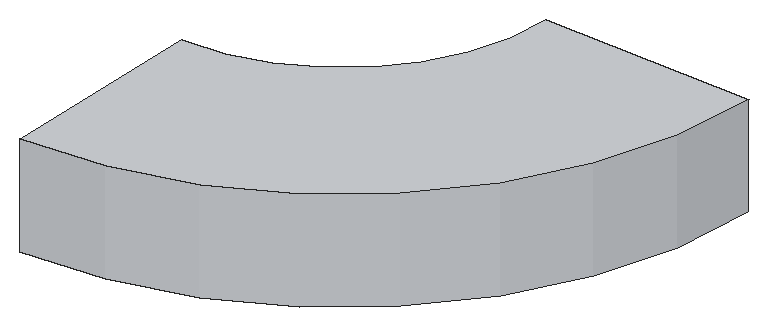
Revit family "M_Rectangular Elbow Eccentric Radius - DTL", category Duct Fittings, Revit 2014
Parameters (values of type "Standard")
  Visibility 2 [instance] = if(Length 4 Vertical > Center Radius, 1 > 0, Length 3 + Straight Length In < Length 12 + 0.794 mm)  # no
  Visibility 1 [instance] = if(Length 4 Vertical > Center Radius, 0 > 1, or(Length 3 + Straight Length In > Length 12 + 0.794 mm, Length 3 + Straight Length In = Length 12 + 0.794 mm))  # yes
  Top Change Visibility [instance] = not(Top Change = 0 mm)  # no
  Straight Out Visibility [instance] = not(Straight In = 0 mm)  # no
  Straight Out [instance] = 0 mm
  Straight In Visibility [instance] = not(Straight In = 0 mm)  # no
  Straight In [instance] = 0 mm
  Quarter Width Out [instance] = Width Out / 4  # 228.6 mm
  Quarter Height Out [instance] = Top Change / 2  # 0 mm
  Offset 2 [instance] = -1 * Half Width In  # -457.2 mm
  Length 5 Vertical [instance] = Straight Length Out * sin(Angle)  # 25.4 mm
  Length 5 Horizontal [instance] = Straight Length Out * cos(Angle)  # 0 mm
  Length 4 Vertical [instance] = if(Straight Out = 0 mm, Length 2 * cos(Angle) + Straight Length Out * sin(Angle), Length 2 * cos(Angle))  # 25.4 mm
  Length 4 Horizontal [instance] = if(Straight Out = 0 mm, Length 3 - Length 2 * sin(Angle) + Straight Length Out * cos(Angle), Length 3 - Length 2 * sin(Angle))  # 7315.2 mm
  Length 3 [instance] = Length 12 - Center Radius * cos(Angle) / sin(Angle) + Length 2 / sin(Angle)  # 8686.8 mm
  Length 2 [instance] = Radius + Width Out / 2  # 1371.6 mm
  Length 12 [instance] = 7315.2 mm  # constant formula
  Judge [instance] = if(Top Change = 0 mm, 1.587 mm, abs(Top Change))  # 1.587 mm
  Half Width Out [instance] = Width Out / 2  # 457.2 mm
  Half Width In [instance] = Width In / 2  # 457.2 mm
  Half Depth Out [instance] = Depth Out / 2  # 228.6 mm
  Width In [instance] = 914.4 mm
  Width Out [instance] = 914.4 mm
  built-in parameter 1114242 [instance] = (empty or 0)
  Top Change [instance] = 0 mm
  Straight Length Out [instance] = if(Straight Out = 0 mm, 25.4 mm, Straight Out)  # 25.4 mm
  Straight Length In [instance] = if(Straight In = 0 mm, 25.4 mm, Straight In)  # 25.4 mm
  Radius [instance] = 914.4 mm
  Half Duct Width [instance] = if(Width In < Width Out, Width Out / 2, Width In / 2)  # 457.2 mm
  Half Width Vertical 2 [instance] = Half Width Vertical 1 + Top Change  # 457.2 mm
  Half Width Vertical 1 [instance] = if(Width In < Width Out, Width Out / 2, Width In / 2)  # 457.2 mm
  Offset 1 [instance] = (Width In - Width Out) / 2  # 0 mm
  Depth Out [instance] = 457.2 mm
  Depth In [instance] = 457.2 mm
  Length 1 [instance] = Center Radius * tan(Angle / 2)  # 1371.6 mm
  Center Radius [instance] = Radius + Width In / 2  # 1371.6 mm
  Bottom Change [instance] = abs(Depth In - Depth Out) + Top Change  # 0 mm
  Angle [instance] = 90.00°
Reference planes
  plane 1 "Center (Front/Back)": y = 0
  plane 2: z = 0
  plane 3 "Center (Left/Right)": x = 0
  plane 4: z = -457.2
  plane 5: z = 457.2
  plane 6: z = 1.588
  plane 7: z = -1.588
  plane 8: x = 7315.2
  plane 9: y = 1371.6
  plane 10: x = -1371.6
  plane 11: x = -1371.6
  plane 12: x = -1346.2
  plane 13: x = 0
  plane 14: y = 1346.2
  plane 15: y = 1371.6
  plane 16: x = 0
  plane 17: y = -457.2
Forms (mm)
  SweptBlend 1, solid, detail levels medium+fine
    path in 3D
      loop
        arc (-1371.6, 0, 0) -> (-401.732, 401.732, 0) -> (0, 1371.6, 0) r 1371.6
    profile "M_Duct - Rectangular : Duct - Rectangular 1" origin (-1371.6, 0, 0) x (0, 1, 0) y (0, 0, 1)
      loop
        line (-457.2, 228.6) -> (-457.2, -228.6) -> (457.2, -228.6) -> (457.2, 228.6) -> (-457.2, 228.6)
    end profile "M_Duct - Rectangular : Duct - Rectangular 2" origin (0, 1371.6, 0) x (-1, 0, 0) y (0, 0, 1)
      loop
        line (-457.2, 228.6) -> (-457.2, -228.6) -> (457.2, -228.6) -> (457.2, 228.6) -> (-457.2, 228.6)
  Sweep 2, solid, visible <- "Straight Out Visibility", detail levels medium+fine
    path in 3D
      loop
        line (0, 1346.2, 0) -> (0, 1371.6, 0)
    profile "M_Duct - Rectangular : Duct - Rectangular 2" origin (0, 1358.9, 0) x (-1, 0, 0) y (0, 0, 1)
      loop
        line (-457.2, 228.6) -> (-457.2, -228.6) -> (457.2, -228.6) -> (457.2, 228.6) -> (-457.2, 228.6)
  Sweep 3, solid, not visible
    path in 3D
      loop
        line (0, 1346.2, 0) -> (0, 1371.6, 0)
    profile "M_Duct - Rectangular : Duct - Half Rectangular 1" origin (0, 1358.9, 0) x (-1, 0, 0) y (0, 0, 1)
      loop
        line (0, 0.794) -> (0, -0.794) -> (457.2, -0.794) -> (457.2, 0.794) -> (0, 0.794)
  Sweep 4, solid, visible <- "Straight In Visibility", detail levels medium+fine
    path in 3D
      loop
        line (-1346.2, -457.2, 0) -> (-1371.6, -457.2, 0)
    profile "M_Duct - Rectangular : Duct - Rectangular 1" origin (-1358.9, -457.2, 0) x (0, -1, 0) y (0, 0, 1)
      loop
        line (-914.4, 228.6) -> (-914.4, -228.6) -> (0, -228.6) -> (0, 228.6) -> (-914.4, 228.6)
Lines and regions (mm)
  model lines, detail levels coarse
    curve 1: line (258.862, 1260.5, 0.794) -> (258.862, 1260.5, -0.794)
  reference lines
    curve 2: arc (-1371.6, 0, 0) -> (-401.732, 401.732, 0) -> (0, 1371.6, 0) r 1371.6
    curve 11: line (-1346.2, -457.2, 0) -> (-1371.6, -457.2, 0)
  sketch lines
    curve 3: arc (-1371.6, 0, 0) -> (-401.732, 401.732, 0) -> (0, 1371.6, 0) r 1371.6
    curve 5: line (0, 1346.2, 0) -> (0, 1371.6, 0)
    curve 9: line (0, 1346.2, 0) -> (0, 1371.6, 0)
    curve 12: line (-1346.2, -457.2, 0) -> (-1371.6, -457.2, 0)
  model lines, not visible, detail levels coarse
    curve 4: line (0, 1346.2, 0) -> (0, 1371.6, 0)
  model lines, visible <- "Visibility 1", detail levels coarse
    curve 6: line (-1371.6, 0, 0) -> (0, 0, 0)
    curve 7: line (0, 0, 0) -> (0, 1371.6, 0)
  model lines, visible <- "Visibility 2", detail levels coarse
    curve 8: line (-1371.6, 0, 0) -> (0, 1371.6, 0)
  model lines, visible <- "Top Change Visibility", detail levels coarse
    curve 10: line (0, 1371.6, 0.794) -> (0, 1371.6, -0.794)
Dimensions and locks
  "Half Width Vertical 1": plane 4 to plane 2
  "Half Width Vertical 2": plane 2 to plane 5
  "Judge": plane 6 to plane 2
  "Judge": plane 7 to plane 2
  "Length 12": plane 3 "Center (Left/Right)" to plane 8
  "Center Radius": plane 1 "Center (Front/Back)" to plane 9
  "Length 3": plane 10 to plane 8
  "Straight In": plane 11 to plane 10
  "Straight Length In": plane 11 to plane 12
  "Length 4 Horizontal": plane 13 to plane 8
  "Length 4 Vertical": plane 9 to plane 14
  "Length 5 Horizontal": plane 13 to plane 16
  "Length 5 Vertical": plane 15 to plane 14
  "Half Width In": plane 17 to plane 1 "Center (Front/Back)"
  "Center Radius": radius of curve 2
  "Angle": angle curve 2 to curve 2
  aligned and locked: plane 10 to curve 2  (x2)
  aligned and locked: plane 9 to curve 2
  aligned and locked: plane 16 to curve 4
  aligned and locked: plane 14 to curve 4
  aligned and locked: plane 13 to curve 4
  aligned and locked: plane 1 "Center (Front/Back)" to curve 7
  aligned and locked: plane 3 "Center (Left/Right)" to curve 7
  aligned and locked: plane 15 to curve 7
  aligned and locked: plane 1 "Center (Front/Back)" to curve 8
  aligned and locked: curve 10 to Sweep 3
  aligned and locked: plane 11 to curve 11
  aligned and locked: plane 12 to curve 11
  aligned and locked: curve 11 to plane 17
Automatic sketch dimensions
  curve 1 to level = 0.794 mm
  level to curve 1 = 0.794 mm
  curve 10 to Sweep 3 = 0 mm  (x2)
  curve 8 to plane 11 = 0 mm
Connectors
  hvac at (-1371.6, 0, 0), driven by "Angle", driven by "Depth In", driven by "Width In"
    settings: on Sweep 4, index 1, duct flow 0.0 L/s, flow factor 0, pres drop 0.0 Pa, loss coef 0, conn angle 90.00°, conn width 914.4 mm, conn height 457.2 mm, conn diameter 609.6 mm, duct sys type 28, conn prof type 1, flow config 0, flow direction 0, loss method 0, conn ref index 2, conn util no, is conn primary yes, conn desc ""
  hvac at (0, 1371.6, 0), driven by "Angle", driven by "Depth Out", driven by "Width Out"
    settings: on Sweep 2, index 2, duct flow 0.0 L/s, flow factor 0, pres drop 0.0 Pa, loss coef 0, conn angle 90.00°, conn width 914.4 mm, conn height 457.2 mm, conn diameter 609.6 mm, duct sys type 28, conn prof type 1, flow config 0, flow direction 0, loss method 0, conn ref index 1, conn util no, is conn primary no, conn desc ""
